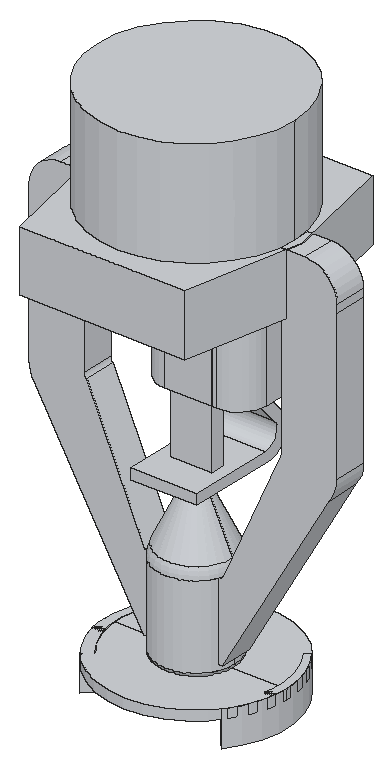
Revit family
Parameters (values of type "RASCO G VELO")
  Temperature Rating = 165 °F
  Response = (empty or 0)
  RASCO SIN # = "R4613"
  RASCO Part # = "GPV1B"
  Pressure Rating = ""
  Pressure Class = (empty or 0)
  Orifice Size = 3/4"
  Orifice = (empty or 0)
  Model = "G VELO"
  Manufacturer = "RASCO"
  K-Factor = 14
  Diameter = 3/4"
  Description = "BRASS FINISH"
  Coverage = (empty or 0)
Reference planes (in)
  plane 1 "Center (Front/Back)": y = 0
  plane 2: z = 0
  plane 3 "Center (Left/Right)": x = 0
Nested families (in)
  nested 1: "RASCO- GPV1B" at (-0.00025, -9.52089, 3.54408) x (-1, 0, -0.0001) z (0.0001, 0, -1), type "RASCO G VELO"
Connectors (in)
  piping at (-0.00023, -9.52089, 3.22204)
    settings: on nested 1, index 1, connector radius 1/2", flow factor 0, pipe flow 0 GPM, pressure drop 0.00 psi, fitting loss kfactor 0, connector angle 0.00°, fixture units 0, flow configuration 0, flow direction 0, fitting loss method 0, system type 7, connector reference index -1, connector utility 0, adjustable connector no, is connector primary yes, fitting loss table "", connector description ""
Definition of nested family "RASCO- GPV1B"
  Parameters (values of type "RASCO G VELO")
    Type Comments = ""
    Temperature Rating = 0 °F
    Response = (empty or 0)
    Pressure Rating = "0"
    Pressure Class = (empty or 0)
    Orifice Size = 0"
    Orifice = (empty or 0)
    Model = ""
    Manufacturer = ""
    K-Factor = 0
    Description = ""
    Coverage = (empty or 0)
    Assembly Code = ""
  Reference planes (in)
    plane 1 "Center (Front/Back)": y = 0
    plane 2: z = 0
    plane 3 "REF.1": z = 0.888
    plane 4 "top": z = 2.8125
    plane 5: x = -0.81624
    plane 6: x = 0.81332
    plane 7 "ref.2": z = 2.12402
    plane 8 "head": z = 2.72724
    plane 9 "left/right center": x = 0
    plane 10 "screw": z = 1.98251
    plane 11 "link2": through (0, -0.02489, 1.21079) normal (0, 0.6767, -0.7363)
    plane 12: z = 3.22204
    plane 13: z = 1.213
  Forms (in)
    Extrusion 1, solid
      sketch origin (0, 0, 0) x (1, 0, 0) y (0, 1, 0)
        loop
          circle (0, 0) r 0.5221
      from 0.32204 to 0.888
    Extrusion 2, solid
      sketch origin (0, 0, 0.888) x (-1, 0, 0) y (0, -1, 0)
        loop
          line (-0.43619, -0.62052) -> (0.4375, -0.62052) -> (0.56391, 0) -> (0.4375, 0.62052) -> (-0.43619, 0.62052) -> (-0.56259, 0) -> (-0.43619, -0.62052)
      from 0 to 0.325
    Extrusion 3, solid
      sketch origin (0, 0, 0) x (1, 0, 0) y (0, 0, 1)
        loop
          line (-0.5221, 0.888) -> (-0.5221, 1.098) -> (-0.5221, 1.86141)
          arc (-0.5221, 1.86141) -> (-0.5194, 1.87757) -> (-0.51161, 1.89198) r 0.04979
          line (-0.51161, 1.89198) -> (-0.20975, 2.56997) -> (0.20179, 2.56997) -> (0.5115, 1.87435)
          arc (0.5115, 1.87435) -> (0.51938, 1.85983) -> (0.5221, 1.84354) r 0.05007
          line (0.5221, 1.84354) -> (0.5221, 1.098) -> (0.5221, 0.888) -> (0.64763, 0.888)
          arc (0.64763, 0.888) -> (0.76676, 0.93734) -> (0.8161, 1.05647) r 0.16847
          line (0.8161, 1.05647) -> (0.8161, 1.098) -> (0.8161, 1.88537)
          arc (0.8161, 1.88537) -> (0.80631, 1.94391) -> (0.77801, 1.99608) r 0.17993
          line (0.77801, 1.99608) -> (0.20933, 2.98106) -> (-0.20975, 2.98106) -> (-0.77818, 1.99651)
          arc (-0.77818, 1.99651) -> (-0.80636, 1.94441) -> (-0.8161, 1.88599) r 0.18
          line (-0.8161, 1.88599) -> (-0.8161, 1.098) -> (-0.8161, 1.05594)
          arc (-0.8161, 1.05594) -> (-0.76691, 0.93719) -> (-0.64816, 0.888) r 0.16794
          line (-0.64816, 0.888) -> (-0.5221, 0.888)
      from -0.08649 to 0.08732
    Revolve 4, solid
      sketch origin (0, 0, 0) x (1, 0, 0) y (0, 0, 1)
        loop
          line (-0.00066, 3.03227) -> (-0.18738, 3.03227)
          arc (-0.18738, 3.03227) -> (-0.20121, 3.02654) -> (-0.20695, 3.0127) r 0.01957
          line (-0.20695, 3.0127) -> (-0.20695, 2.57443)
          arc (-0.20695, 2.57443) -> (-0.20355, 2.54377) -> (-0.19354, 2.51459) r 0.14031
          line (-0.19354, 2.51459) -> (-0.03397, 2.17619) -> (-0.00066, 2.17619) -> (-0.00066, 3.03227)
        axis (-0.00066, 3.03227) -> (-0.00066, 2.17619)
      angle from 0 to 360
    Extrusion 5, solid
      sketch origin (0, 0, 0) x (1, 0, 0) y (0, 0, 1)
        loop
          line (0.10934, 1.213) -> (0.10934, 2.12264) -> (-0.11066, 2.12264) -> (-0.11066, 1.213) -> (0.10934, 1.213)
      from -0.03602 to 0.03346
    Extrusion 6, solid
      sketch origin (0, 0, 0) x (1, 0, 0) y (0, 1, 0)
        loop
          line (-0.13782, -0.03346) -> (0.13824, -0.03346)
          arc (0.13824, -0.03346) -> (0.24228, 0.00963) -> (0.28537, 0.11367) r 0.14713
          line (0.28537, 0.11367) -> (0.28537, 0.36654) -> (0.21637, 0.36654) -> (0.21637, 0.12177)
          arc (0.21637, 0.12177) -> (0.19125, 0.06113) -> (0.13062, 0.03602) r 0.08575
          line (0.13062, 0.03602) -> (-0.12969, 0.03602)
          arc (-0.12969, 0.03602) -> (-0.19046, 0.06119) -> (-0.21563, 0.12195) r 0.08594
          line (-0.21563, 0.12195) -> (-0.21563, 0.36654) -> (-0.28463, 0.36654) -> (-0.28463, 0.11335)
          arc (-0.28463, 0.11335) -> (-0.24163, 0.00954) -> (-0.13782, -0.03346) r 0.14681
      from 1.30472 to 1.80738
    Extrusion 7, solid
      sketch origin (0, 0, 0) x (0, 0, -1) y (0, -1, 0)
        loop
          circle (-1.56307, -0.22442) r 0.13793
      from -0.21637 to 0.21563
    Extrusion 8, solid
      sketch origin (0, 0, 0) x (0, 0, -1) y (0, -1, 0)
        loop
          arc (-2.17619, -0.26024) -> (-2.1058, -0.36958) -> (-1.97714, -0.35076) r 0.12011
          line (-1.97714, -0.35076) -> (-1.74478, -0.14809)
          arc (-1.74478, -0.14809) -> (-1.6682, -0.1024) -> (-1.58045, -0.08649) r 0.25
          line (-1.58045, -0.08649) -> (-1.42416, -0.08649) -> (-1.42416, -0.03602) -> (-1.5818, -0.03602)
          arc (-1.5818, -0.03602) -> (-1.69102, -0.05581) -> (-1.78634, -0.11268) r 0.31117
          line (-1.78634, -0.11268) -> (-1.99985, -0.29891)
          arc (-1.99985, -0.29891) -> (-2.07893, -0.31048) -> (-2.12219, -0.24328) r 0.07382
          line (-2.12219, -0.24328) -> (-2.12219, 0.21398) -> (-2.17619, 0.21398) -> (-2.17619, -0.26024)
      from -0.17291 to 0.17375
    Revolve 9, solid
      sketch origin (0, 0, 0) x (1, 0, 0) y (0, 0, 1)
        loop
          line (0, 3.03474) -> (0, 3.08474) -> (-0.48, 3.08474) -> (-0.48, 3.03474) -> (0, 3.03474)
        axis (0, 3.08474) -> (0, 3.03474)
      angle from 0 to 360
    Extrusion 10, solid
      sketch origin (0, 0, 2.8125) x (-1, 0, 0) y (0, -1, 0)
        loop
          arc (-0.37523, 0.29934) -> (-0.48, -0.00091) -> (-0.37409, -0.30076) r 0.48
          line (-0.37409, -0.30076) -> (-0.35081, -0.27748)
          arc (-0.35081, -0.27748) -> (-0.43381, -0.00758) -> (-0.3315, 0.25561) r 0.43
          line (-0.3315, 0.25561) -> (-0.37523, 0.29934)
        loop
          arc (0.37467, -0.30003) -> (0.48, -0.00091) -> (0.37581, 0.29861) r 0.48
          line (0.37581, 0.29861) -> (0.33713, 0.25993)
          arc (0.33713, 0.25993) -> (0.43606, -0.00512) -> (0.34891, -0.27427) r 0.43
          line (0.34891, -0.27427) -> (0.37467, -0.30003)
      from 0.22224 to 0.40954
  Dimensions and locks (in)
    plane 5 to Extrusion 6 = 0' - 1.10161"
